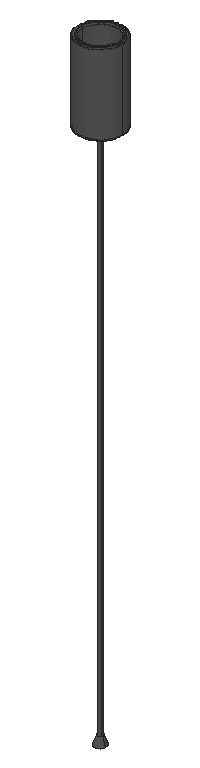
Revit family "CARLO CYLINDER LIGHT Pendant_ Surface", category Lighting Fixtures, host Face, Revit 2020 (continued)
Types (13): name | Wattage_Input | Wattage Comments | Wattage | built-in parameter 1150134 | Size 08 | Size 04 | Photometric Web File | built-in parameter 1150142 | Model | built-in parameter 1150105 | Lumens | built-in parameter 1150107 | built-in parameter 1150106 | Fixture Height | Fixture Diameter | BEAMING ANGLE | Apparent Load
    3.25 109.52 115.02 119.01 \r\n 121.88 123.6 124.75 125.94 126.99 127.87 128.69 129.6 130.53 131.46 \r\n 132.41 133.39 134.41 135.54 136.69 137.72 138.83 140.15 141.69 143.44 \r\n 145.48 147.83 150.56 153.76 157.46 161.66 166.54 172.26 178.96 186.78 \r\n 195.9 206.21 218.76 235.33 253.64 270.78 290.47 316.03 345.8 379.58 \r\n 416.3 454.47 495.21 539.92 586.38 632.32 679.29 728.39 778.64 829.39 \r\n 880.76 933.22 985.08 1034.9 1082.4 1127 1168.5 1206.4 1240.1 1268.4 \r\n 1293.7 1318.2 1341.9 1366.2 1389 1408.2 1424.5 1438.9 1448.8 1451.7 \r\n 1452.3 \r\n1448.4 1453.2 1450.4 1442.6 1430.5 1414.9 1396.1 1374.8 1351.4 1326.6 \r\n 1299.9 1271.1 1238.8 1200.3 1158.7 1116.6 1072.8 1026.8 979.09 930.14 \r\n 880.37 830.29 780.03 729.73 679.92 630.93 583.47 538.49 495.63 454.7 \r\n 416.09 380.06 346.82 316.51 289.67 267.55 248.14 229.3 212.75 199.99 \r\n 189.59 180.58 173.05 166.89 161.78 157.37 153.65 150.57 147.93 145.51 \r\n 143.39 141.6 140.06 138.74 137.58 136.58 135.61 134.54 133.43 132.31 \r\n 131.19 130.12 129.08 128.04 127.01 126.07 125.04 123.72 122.27 120.91 \r\n 119.31 117.48 114.63 109.59 103.55 97.4 90.875 83.956 76.813 69.564 \r\n 62.349 55.375 48.559 41.864 35.357 28.918 23.07 18.27 14.593 12.532 \r\n 11.29 10.238 9.3571 8.3647 7.416 6.5541 5.8329 5.3557 5.0175 4.7568 \r\n 4.5468 4.3343 4.1369 3.9547 3.7872 3.6373 3.4947 3.347 3.203 3.0698 \r\n 2.9408 2.8167 2.6834 2.515 2.348 2.2213 2.101 1.9636 1.817 1.6525 \r\n 1.4972 1.3902 1.2863 1.1386 0.99152 0.88084 0.78544 0.69726 0.6129 0.51993 \r\n 0.43732 0.38548 0.34762 0.31247 0.28386 0.26299 0.24651 0.23456 0.22469 0.21431 \r\n 0.20389 0.19236 0.18168 0.17412 0.1676 0.16058 0.1536 0.14673 0.13983 0.13269 \r\n 0.12554 0.11852 0.11176 0.10556 0.099505 0.093484 0.086928 0.078863 0.070399 0.062418 \r\n 0.054633 0.046965 0.039676 0.03261 0.026941 0.024831 0.02316 0.018271 0.013928 0.014542 \r\n 0.014518 0.0073936 0.00017382 0 0 0 0 0 0 0 \r\n 0 0 0 0 0 0 0.000013 0.00033482 0.0015541 0.0050452 \r\n 0.0087502 0.010344 0.012002 0.015575 0.019708 0.023273 0.027429 0.032913 0.039865 0.049414 \r\n 0.059331 0.067671 0.074711 0.079873 0.083776 0.085847 0.089085 0.097898 0.10749 0.11321 \r\n 0.11905 0.12867 0.1385 0.14549 0.15182 0.15896 0.16609 0.17222 0.17939 0.19044 \r\n 0.20205 0.21075 0.21995 0.23253 0.24669 0.26229 0.2807 0.30182 0.32987 0.36818 \r\n 0.41942 0.48941 0.57206 0.66358 0.76294 0.86464 0.97832 1.1198 1.2651 1.3885 \r\n 1.5106 1.6447 1.7859 1.9396 2.0881 2.2036 2.3219 2.4795 2.6463 2.8045 \r\n 2.9533 3.0784 3.2028 3.3511 3.5048 3.6526 3.7982 3.9345 4.0837 4.2735 \r\n 4.48 4.6752 4.8989 5.1529 5.5237 6.1208 6.8775 7.7649 8.7788 9.9087 \r\n 11.144 12.241 13.892 16.78 20.693 25.827 31.644 37.604 43.916 50.626 \r\n 57.681 65.129 72.706 80.19 87.505 94.493 101.19 107.81 113.66 117.96 \r\n 121.11 123.05 124.37 125.66 126.76 127.65 128.46 129.36 130.27 131.21 \r\n 132.18 133.19 134.24 135.37 136.5 137.54 138.65 139.96 141.47 143.19 \r\n 145.18 147.48 150.17 153.31 156.93 161.02 165.78 171.33 177.85 185.52 \r\n 194.47 204.6 216.75 232.19 249.48 266.68 286.6 311.88 341.19 374.34 \r\n 410.47 448.35 488.85 533.06 579.1 625.08 672.09 720.8 770.54 820.87 \r\n 871.9 924.19 976.05 1026.1 1074 1119 1161 1199.5 1234 1262.9 \r\n 1288.7 1313.3 1336.9 1361.1 1384 1403.9 1421.1 1436.1 1446.8 1450.7 \r\n 1452.3 \r\n1448.4 1452.3 1449.3 1441.5 1429.6 1414 1395.3 1374.1 1350.9 1326.6 \r\n 1300.1 1271.5 1239.2 1200.9 1159.5 1117.2 1073.2 1027 979.17 930.11 \r\n 880.25 830.12 779.83 729.44 679.59 630.78 583.5 538.44 495.44 454.42 \r\n 415.74 379.67 346.43 316.06 289.36 268.06 249.33 229.97 212.7 199.77 \r\n 189.36 180.38 172.92 166.78 161.68 157.3 153.61 150.53 147.9 145.48 \r\n 143.36 141.59 140.06 138.71 137.53 136.55 135.62 134.56 133.47 132.41 \r\n 131.36 130.32 129.3 128.29 127.3 126.39 125.39 124.1 122.67 121.31 \r\n 119.67 117.72 114.75 109.67 103.59 97.364 90.724 83.617 76.262 68.798 \r\n 61.417 54.424 47.629 40.906 34.373 27.938 22.107 17.324 13.671 11.647 \r\n 10.45 9.4521 8.6345 7.7162 6.8579 6.118 5.5222 5.1539 4.8997 4.6742 \r\n 4.4766 4.2719 4.078 3.9015 3.7417 3.6054 3.476 3.3358 3.1956 3.061 \r\n 2.9306 2.8122 2.6844 2.5148 2.3443 2.2137 2.0913 1.9583 1.8164 1.6506 \r\n 1.492 1.382 1.2762 1.1309 0.98541 0.86915 0.76737 0.67686 0.5924 0.50235 \r\n 0.42285 0.37088 0.3323 0.2979 0.26979 0.2473 0.22954 0.21784 0.20858 0.19827 \r\n 0.1879 0.17685 0.16651 0.15852 0.15156 0.14491 0.13852 0.1321 0.12566 0.11914 \r\n 0.1124 0.10486 0.097685 0.09237 0.087338 0.08149 0.074881 0.066995 0.058449 0.0495 \r\n 0.040707 0.032674 0.025524 0.01936 0.014849 0.013527 0.012894 0.010149 0.007731 0.008261 \r\n 0.0083992 0.0042979 0.00010061 0 0 0 0 0 0 0 \r\n 0 0 0 0 0 0 0.000023 0.00064946 0.0026759 0.0081177 \r\n 0.013899 0.016676 0.019271 0.02389 0.02905 0.033852 0.038751 0.043611 0.049313 0.057354 \r\n 0.065753 0.072733 0.079167 0.08564 0.091239 0.093989 0.097648 0.10699 0.11699 0.12289 \r\n 0.12867 0.13765 0.14696 0.15446 0.16133 0.16797 0.17459 0.18133 0.18888 0.19852 \r\n 0.20872 0.21776 0.22754 0.23975 0.25333 0.26961 0.28848 0.30814 0.3351 0.37577 \r\n 0.42865 0.49484 0.57298 0.66302 0.76216 0.86547 0.97919 1.1127 1.2516 1.3825 \r\n 1.5121 1.6405 1.7748 1.9296 2.082 2.2038 2.3257 2.4755 2.6344 2.796 \r\n 2.9508 3.0789 3.2041 3.3487 3.4971 3.6406 3.7802 3.9059 4.0424 4.2173 \r\n 4.4117 4.6129 4.831 5.0449 5.3355 5.777 6.3677 7.1394 8.0654 9.1524 \r\n 10.333 11.291 12.78 15.527 19.294 24.271 29.9 35.56 41.619 48.311 \r\n 55.407 62.834 70.353 77.651 84.869 92.107 99.168 106.1 112.26 116.88 \r\n 120.32 122.51 124 125.39 126.53 127.43 128.24 129.12 130.02 130.95 \r\n 131.93 132.97 134.06 135.18 136.3 137.35 138.47 139.77 141.25 142.93 \r\n 144.87 147.13 149.75 152.82 156.36 160.34 164.97 170.34 176.66 184.17 \r\n 192.92 202.86 214.59 228.92 245.24 262.62 282.86 307.76 336.44 368.9 \r\n 404.4 442.02 482.29 525.95 571.51 617.55 664.63 712.94 762.19 812.09 \r\n 862.79 914.86 966.67 1016.9 1065.2 1110.7 1153.2 1192.4 1227.6 1257.2 \r\n 1283.6 1308.2 1331.7 1355.9 1378.9 1399.5 1417.6 1433.3 1444.7 1449.7 \r\n 1452.3 \r\n1448.4 1451.4 1448.2 1440.3 1428.4 1412.8 1394.2 1373.2 1350.2 1326.2 \r\n 1300.1 1271.4 1239.1 1201.1 1159.8 1117.3 1072.9 1026.5 978.52 929.35 \r\n 879.42 829.23 778.89 728.42 678.56 629.94 582.84 537.73 494.62 453.56 \r\n 414.86 378.8 345.59 315.22 288.69 268.22 250.17 230.49 212.67 199.54 \r\n 189.07 180.14 172.77 166.65 161.58 157.24 153.58 150.51 147.87 145.44 \r\n 143.32 141.57 140.06 138.68 137.48 136.52 135.61 134.56 133.49 132.49 \r\n 131.51 130.51 129.51 128.54 127.6 126.72 125.74 124.49 123.09 121.72 \r\n 120.04 117.93 114.81 109.7 103.62 97.328 90.58 83.309 75.768 68.101 \r\n 60.558 53.522 46.724 39.972 33.419 26.987 21.177 16.44 12.844 10.87 \r\n 9.7246 8.7744 8.0105 7.1594 6.3818 5.7465 5.2564 4.9757 4.7885 4.5949 \r\n 4.4112 4.2136 4.0227 3.8513 3.6983 3.5741 3.4567 3.3236 3.1873 3.0515 \r\n 2.9199 2.8062 2.6831 2.5129 2.34 2.2061 2.0816 1.9522 1.8141 1.6476 \r\n 1.4868 1.3733 1.265 1.1223 0.97875 0.85788 0.75056 0.65752 0.57262 0.48569 \r\n 0.40957 0.35744 0.31808 0.2846 0.2572 0.23331 0.21436 0.20281 0.19407 0.18393 \r\n 0.17376 0.16323 0.15327 0.14491 0.13758 0.13122 0.1253 0.11919 0.11308 0.10711 \r\n 0.10072 0.092697 0.085134 0.080572 0.076432 0.070799 0.064229 0.056577 0.048027 0.038297 \r\n 0.028634 0.020134 0.012963 0.0076397 0.0042092 0.0034928 0.003685 0.0028871 0.0021985 0.0024383 \r\n 0.002549 0.0013136 0.000031 0 0 0 0 0 0 0 \r\n 0 0 0 0 0 0 0.000032 0.00096492 0.0037262 0.010832 \r\n 0.018387 0.022234 0.025679 0.031154 0.037135 0.042976 0.048487 0.052767 0.057304 0.063797 \r\n 0.070717 0.076744 0.082947 0.090652 0.097774 0.10124 0.10534 0.11501 0.12523 0.13138 \r\n 0.13714 0.14533 0.15397 0.16198 0.16944 0.17564 0.18183 0.18923 0.19723 0.20557 \r\n 0.21445 0.22383 0.23414 0.24591 0.25885 0.27556 0.2948 0.31351 0.33974 0.38205 \r\n 0.43579 0.4982 0.57216 0.66133 0.76061 0.86471 0.97786 1.1047 1.2387 1.3763 \r\n 1.5126 1.6354 1.763 1.9194 2.0761 2.2037 2.329 2.4717 2.6235 2.7882 \r\n 2.9481 3.0786 3.2041 3.3451 3.4884 3.6285 3.7634 3.8808 4.0071 4.1694 \r\n 4.3535 4.5596 4.773 4.9537 5.1781 5.4919 5.9467 6.6245 7.4791 8.5308 \r\n 9.6624 10.496 11.835 14.436 18.051 22.874 28.329 33.738 39.59 46.279 \r\n 53.418 60.823 68.281 75.404 82.525 89.987 97.366 104.54 110.95 115.88 \r\n 119.62 122.04 123.71 125.18 126.35 127.27 128.07 128.93 129.81 130.74 \r\n 131.72 132.8 133.91 135.02 136.13 137.19 138.32 139.6 141.05 142.7 \r\n 144.6 146.8 149.35 152.35 155.8 159.68 164.17 169.36 175.5 182.84 \r\n 191.4 201.12 212.48 225.89 241.45 259.1 279.67 304.02 331.92 363.69 \r\n 398.59 435.97 476.03 519.13 564.2 610.26 657.4 705.37 754.17 803.7 \r\n 854.07 905.87 957.59 1008.1 1056.8 1102.7 1145.7 1185.5 1221.3 1251.6 \r\n 1278.5 1303.3 1326.8 1350.9 1373.9 1395.2 1414.2 1430.6 1442.8 1448.8 \r\n 1452.3 \r\n1448.4 1450.6 1446.9 1438.8 1426.6 1410.7 1391.9 1371 1348.2 1324.4 \r\n 1298.3 1269.6 1237.1 1199.1 1157.6 1114.5 1069.4 1022.7 974.52 925.24 \r\n 875.23 824.95 774.56 724.17 674.44 625.97 579.02 533.99 490.98 450.1 \r\n 411.63 375.8 342.8 312.58 286.23 266.09 248.44 229.16 211.68 198.69 \r\n 188.29 179.54 172.33 166.31 161.29 157.01 153.39 150.32 147.68 145.28 \r\n 143.18 141.42 139.91 138.54 137.35 136.4 135.5 134.45 133.4 132.44 \r\n 131.5 130.54 129.6 128.68 127.77 126.93 125.98 124.76 123.37 121.99 \r\n 120.23 117.9 114.58 109.48 103.45 97.132 90.345 83.055 75.481 67.735 \r\n 60.099 52.979 46.125 39.388 32.874 26.447 20.678 16.106 12.688 10.817 \r\n 9.7334 8.8076 8.0483 7.2041 6.4254 5.7766 5.2651 4.9523 4.7406 4.5559 \r\n 4.3891 4.196 4.0063 3.8352 3.6821 3.5591 3.4438 3.3139 3.1803 3.0449 \r\n 2.9128 2.7985 2.6749 2.5054 2.3333 2.1995 2.0746 1.9433 1.8042 1.6411 \r\n 1.4833 1.3669 1.2553 1.1138 0.97232 0.85259 0.74535 0.64948 0.56231 0.47798 \r\n 0.40504 0.35296 0.31319 0.2808 0.25439 0.23 0.21044 0.1989 0.19037 0.18059 \r\n 0.17094 0.16123 0.15191 0.14337 0.13566 0.12926 0.12337 0.11727 0.11115 0.10518 \r\n 0.098717 0.090409 0.082621 0.078242 0.074352 0.068732 0.062158 0.054648 0.046247 0.036593 \r\n 0.026923 0.018209 0.01089 0.0058161 0.0027185 0.0021515 0.0024941 0.00212 0.0015995 0.00085841 \r\n 0.00020396 0.000016 0.000002 0 0 0 0 0 0 0 \r\n 0 0 0 0 0 0 0.000034 0.0010472 0.0038714 0.010905 \r\n 0.018389 0.022335 0.025826 0.031021 0.036696 0.04253 0.04797 0.051802 0.05569 0.061154 \r\n 0.067407 0.07419 0.081446 0.089565 0.09695 0.10079 0.10511 0.11453 0.12442 0.13065 \r\n 0.1364 0.14386 0.15184 0.16012 0.16802 0.17416 0.18035 0.18838 0.19685 0.20451 \r\n 0.21262 0.22219 0.23272 0.24401 0.25621 0.27211 0.29082 0.31017 0.33684 0.37806 \r\n 0.42998 0.48966 0.56162 0.65211 0.75293 0.85568 0.96731 1.0945 1.2297 1.37 \r\n 1.5082 1.6279 1.7527 1.9112 2.071 2.2001 2.326 2.468 2.619 2.7847 \r\n 2.9456 3.0756 3.1998 3.3386 3.48 3.6195 3.7546 3.8729 3.9995 4.1591 \r\n 4.3402 4.5456 4.7557 4.9242 5.1336 5.4342 5.8771 6.5454 7.3931 8.4491 \r\n 9.5708 10.356 11.612 14.083 17.556 22.258 27.616 32.984 38.818 45.496 \r\n 52.62 59.981 67.385 74.439 81.529 89.09 96.587 103.76 110.21 115.38 \r\n 119.39 121.96 123.72 125.22 126.4 127.35 128.17 129.02 129.88 130.81 \r\n 131.79 132.87 133.99 135.08 136.18 137.25 138.39 139.65 141.08 142.7 \r\n 144.56 146.69 149.18 152.12 155.52 159.33 163.74 168.82 174.83 182.04 \r\n 190.46 199.97 211.19 224.76 240.56 258.6 279.21 302.47 329.12 360.35 \r\n 394.98 432.17 472.05 514.75 559.44 605.37 652.44 700.29 748.94 798.25 \r\n 848.37 899.89 951.42 1002 1050.9 1097.2 1140.5 1180.5 1216.5 1247.3 \r\n 1274.6 1299.6 1323.1 1347.2 1370.4 1392.2 1411.8 1428.6 1441.3 1448.1 \r\n 1452.3 \r\n1448.4 1449.9 1445.6 1436.8 1424 1407.6 1388.5 1367.7 1345 1321.1 \r\n 1294.9 1265.9 1233.1 1194.7 1152.8 1108.8 1062.8 1015.6 967.18 917.76 \r\n 867.69 817.29 766.88 716.71 667.25 618.9 572.05 527.24 484.53 444.09 \r\n 406.08 370.7 338.1 308.19 282.04 261.75 244.16 225.98 209.7 197.18 \r\n 187.03 178.57 171.6 165.73 160.82 156.62 153.05 149.99 147.36 144.99 \r\n 142.93 141.16 139.64 138.31 137.16 136.2 135.28 134.24 133.2 132.24 \r\n 131.32 130.42 129.54 128.68 127.83 127.02 126.1 124.89 123.5 122.09 \r\n 120.23 117.62 114.04 108.98 103.06 96.756 90.001 82.836 75.384 67.688 \r\n 60.044 52.802 45.84 39.162 32.744 26.33 20.626 16.331 13.21 11.488 \r\n 10.476 9.5483 8.7424 7.8441 6.9828 6.2038 5.5464 5.0845 4.7588 4.5598 \r\n 4.4114 4.2195 4.0291 3.8537 3.694 3.5615 3.438 3.307 3.1748 3.0413 \r\n 2.9095 2.7891 2.6598 2.4922 2.3241 2.194 2.0705 1.9317 1.7866 1.6309 \r\n 1.4815 1.3629 1.2473 1.1055 0.96617 0.85332 0.75185 0.65295 0.56178 0.47936 \r\n 0.40926 0.35749 0.31776 0.28663 0.2615 0.23744 0.21789 0.20626 0.19764 0.18835 \r\n 0.17946 0.17086 0.16245 0.1539 0.14585 0.13908 0.13279 0.12638 0.11992 0.1134 \r\n 0.10647 0.098074 0.090234 0.085472 0.081185 0.075382 0.068754 0.061252 0.053109 0.044364 \r\n 0.035555 0.026936 0.019391 0.01396 0.010422 0.0095698 0.0094099 0.0079084 0.0059783 0.0036388 \r\n 0.0015382 0.00050155 0.000018 0 0 0 0 0 0 0 \r\n 0 0 0 0 0 0 0.000027 0.00087174 0.0030679 0.0083154 \r\n 0.013903 0.016958 0.019667 0.023468 0.027734 0.032522 0.037219 0.040764 0.044557 0.049579 \r\n 0.05602 0.065203 0.074709 0.082387 0.088747 0.092592 0.096888 0.10548 0.11454 0.12067 \r\n 0.12639 0.13325 0.14068 0.14897 0.1571 0.16358 0.17019 0.1788 0.18771 0.19531 \r\n 0.20324 0.21285 0.22332 0.23412 0.24566 0.25953 0.27681 0.29827 0.32647 0.36395 \r\n 0.41151 0.4696 0.54175 0.63561 0.73928 0.83872 0.94806 1.0823 1.2247 1.3637 \r\n 1.4988 1.6183 1.744 1.9051 2.0667 2.193 2.3169 2.4644 2.6209 2.7856 \r\n 2.9434 3.0701 3.1916 3.3298 3.4723 3.6143 3.7543 3.8827 4.0199 4.1871 \r\n 4.372 4.5714 4.7796 4.9568 5.2026 5.6042 6.1589 6.9023 7.8074 8.9067 \r\n 10.057 10.872 12.116 14.472 17.813 22.424 27.765 33.297 39.3 45.959 \r\n 53.008 60.305 67.667 74.763 81.892 89.422 96.827 103.78 110.05 115.38 \r\n 119.61 122.27 124.05 125.52 126.67 127.67 128.56 129.39 130.23 131.16 \r\n 132.14 133.2 134.29 135.37 136.45 137.54 138.68 139.92 141.32 142.92 \r\n 144.75 146.82 149.24 152.14 155.5 159.29 163.67 168.71 174.66 181.78 \r\n 190.11 199.41 210.74 225.5 242.53 261.02 281.38 303.06 328.07 358.96 \r\n 393.61 430.66 470.39 512.85 557.28 602.93 649.8 697.76 746.55 795.79 \r\n 845.74 896.98 948.24 998.71 1047.6 1094.2 1137.8 1177.6 1213.4 1244.3 \r\n 1271.9 1297 1320.7 1345 1368.3 1390.4 1410.2 1427.3 1440.4 1447.7 \r\n 1452.3 \r\n1448.4 1449.3 1444.3 1434.7 1421.3 1404.4 1384.9 1364.1 1341.5 1317.5 \r\n 1291.1 1261.8 1228.6 1189.8 1147.3 1102.3 1055.5 1007.8 959.12 909.56 \r\n 859.43 808.92 758.48 708.58 659.42 611.16 564.42 519.87 477.52 437.56 \r\n 400.08 365.17 333.03 303.6 277.78 257.24 239.61 222.6 207.62 195.61 \r\n 185.73 177.59 170.86 165.15 160.34 156.22 152.71 149.67 147.04 144.71 \r\n 142.68 140.9 139.36 138.08 136.98 136.01 135.07 134.02 132.99 132.02 \r\n 131.11 130.27 129.46 128.65 127.84 127.06 126.16 124.98 123.58 122.13 \r\n 120.17 117.27 113.43 108.4 102.59 96.318 89.609 82.591 75.292 67.685 \r\n 60.062 52.694 45.612 38.989 32.67 26.278 20.652 16.648 13.834 12.269 \r\n 11.33 10.388 9.5187 8.5567 7.604 6.6827 5.8664 5.2426 4.7923 4.5739 \r\n 4.4417 4.2492 4.0572 3.8775 3.711 3.5672 3.4335 3.3 3.1685 3.0375 \r\n 2.9066 2.7788 2.6427 2.4772 2.3138 2.1884 2.0666 1.9195 1.7674 1.6198 \r\n 1.4795 1.3588 1.2391 1.0968 0.95962 0.85458 0.75986 0.65814 0.56288 0.48216 \r\n 0.4147 0.36335 0.32382 0.29401 0.27022 0.24677 0.22747 0.21579 0.20704 0.19818 \r\n 0.18998 0.18243 0.17492 0.1665 0.15822 0.15102 0.14419 0.13733 0.13041 0.12329 \r\n 0.11587 0.10748 0.099634 0.094358 0.089545 0.083615 0.077007 0.069439 0.061498 0.053782 \r\n 0.045976 0.037518 0.029747 0.023845 0.019713 0.018459 0.017648 0.014741 0.011155 0.0072299 \r\n 0.0036637 0.0013877 0.000043 0 0 0 0 0 0 0 \r\n 0 0 0 0 0 0 0.000018 0.00062297 0.0020623 0.0053015 \r\n 0.0087551 0.010741 0.012515 0.014784 0.017512 0.021088 0.024949 0.028332 0.032227 0.036971 \r\n 0.043763 0.055561 0.067432 0.074468 0.079552 0.08335 0.0876 0.095231 0.10333 0.10937 \r\n 0.11511 0.12146 0.12839 0.13657 0.14485 0.15175 0.1589 0.16804 0.17737 0.18508 \r\n 0.19299 0.20263 0.21298 0.22334 0.23431 0.24619 0.26212 0.2859 0.31572 0.34901 \r\n 0.39178 0.44851 0.52124 0.61871 0.72535 0.82122 0.9281 1.0701 1.2203 1.357 \r\n 1.4882 1.6082 1.7357 1.8994 2.0628 2.1858 2.3074 2.4611 2.6239 2.7872 \r\n 2.9413 3.0644 3.1832 3.3212 3.4653 3.6104 3.7567 3.8977 4.048 4.2249 \r\n 4.4153 4.6076 4.8151 5.0081 5.3043 5.8338 6.5296 7.3701 8.349 9.4972 \r\n 10.682 11
